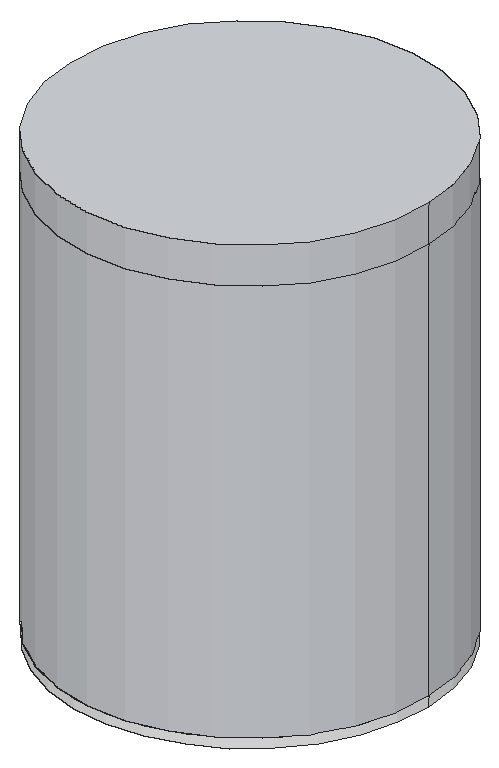
Revit family
Parameters (values of type "5" 50W MR16")
  Assembly Code = "D5020220"
  Depth = 0' - 6"
  Diameter = 0' - 4 7/8"
  Lamp = "MR16"
  Lumens = 1080 lm
  Wattage Comments = "50"
Types (4): name | Depth | Diameter | Lamp | Lumens | Wattage Comments
  (no name) | 0' - 6" | 0' - 4 7/8" | "MR16" | 1080 lm | "50"
  6"  60 watt Incandescent | 0' - 8" | 0' - 6" | "A-19" | 1080 lm | "60"
  8" 100 watt Incandescent | 0' - 8" | 0' - 8" | "A-21" | 1800 lm | "100"
  5" 50W MR16 | 0' - 6" | 0' - 4 7/8" | "MR16" | 1080 lm | "50"
Reference planes (in)
  plane 1 "Light Source Axis": y = 0
  plane 2 "Ceiling": z = 96
  plane 3 "Light Source Axis": x = 0
  plane 4: x = 2.4375
  plane 5: x = -2.4375
  plane 6: z = 102
  plane 7 "Light Source Elevation": z = 99
Forms (in)
  Extrusion 1, solid
    sketch origin (0, 0, 96) x (1, 0, 0) y (0, 1, 0)
      loop
        circle (0, 0) r 2.4375
      loop
        circle (0, 0) r 1.9375
    from 0 to 5.5
  Extrusion 2, solid
    sketch origin (0, 0, 101.5) x (1, 0, 0) y (0, 1, 0)
      loop
        circle (0, 0) r 2.4375
    from 0 to 0.5
  Revolve 3, solid, material "Lighting - Reflector"
    sketch origin (0, 0, 0) x (1, 0, 0) y (0, 0, 1)
      loop
        line (-1.9375, 96) -> (-1.80867, 96) -> (-0.87215, 99.75618) -> (0, 99.75618) -> (0, 99.88118) -> (-0.96981, 99.88118) -> (-1.9375, 96)
      axis (0, 99.88118) -> (0, 96)
    angle from 0 to 360
  Extrusion 4, solid, material "Lighting - Trim"
    sketch origin (0, 0, 96) x (1, 0, 0) y (0, 1, 0)
      loop
        circle (0, 0) r 2.4375
      loop
        circle (0, 0) r 1.8125
    from 0 to -0.125
Cuts and joins
  joined: Extrusion 1, Extrusion 2
Lines and regions (in)
  Opening 1
    outline origin (0, 0, 96) x (1, 0, 0) y (0, 1, 0)
      loop
        circle (0, 0) r 2.4375
  model lines
    curve 1: line (-60, 60, 0) -> (60, 60, 0)
    curve 2: line (-60, 60, 0) -> (-60, -60, 0)
    curve 3: line (-60, -60, 0) -> (60, -60, 0)
    curve 4: line (60, 60, 0) -> (60, -60, 0)
  symbolic lines
    curve 5: arc (2.4375, 0, 96) -> (0, 2.4375, 96) -> (-2.4375, 0, 96) r 2.4375
    curve 6: arc (-2.4375, 0, 96) -> (0, -2.4375, 96) -> (2.4375, 0, 96) r 2.4375
    curve 7: arc (-1.9375, 0, 96) -> (0, -1.9375, 96) -> (1.9375, 0, 96) r 1.9375
    curve 8: arc (1.9375, 0, 96) -> (0, 1.9375, 96) -> (-1.9375, 0, 96) r 1.9375
